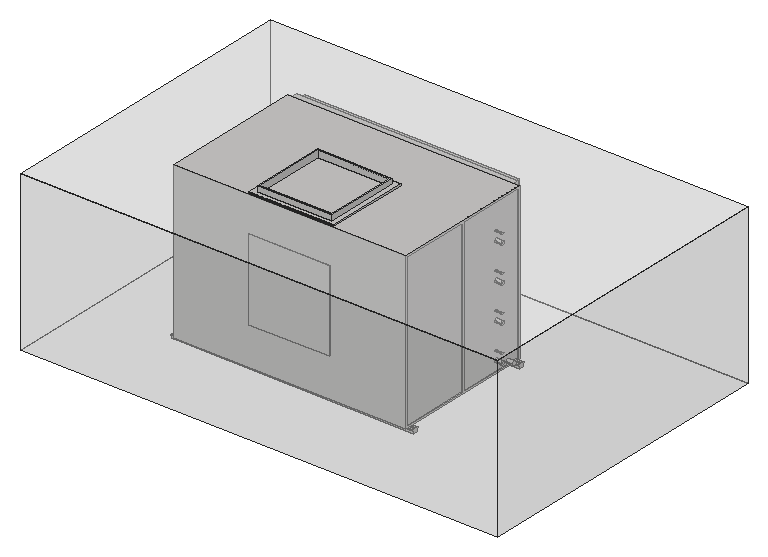
Revit family "outputfile", category 機械設備, Revit 2024
Family settings
  丸型コネクタ寸法 = 半径を使用
  パーツ タイプ = 標準
  OmniClass 番号 = 23.75.10.24.21.27.27
  OmniClass タイトル = Split System Air Conditioning Units
  作業面ベース = いいえ
  常に垂直 = はい
  ロード時にボイドで切り取り = いいえ
  注釈の向きを維持 = いいえ
  共有 = いいえ
  部屋計算ポイント = はい
Parameters (values of type "FBVN500H4BY1C")
  Description = ""
  書き出し IFC クラス(タイプ) = "IfcUnitaryEquipmentType"
  定義済み IFC タイプ(タイプ) = "AIRCONDITIONINGUNIT"
  Cost = 0
  Type Comments = ""
  Keynote = ""
  Type Image = (empty or 0)
  Assembly Code = ""
  switch_frequency = yes
  lw_power = 1050 mm
  lw_frontpanel = 754 mm
  lw_box_front = lw_box + 18 mm  # 115 mm
  lw_box = 97 mm
  lw_RA = 1057 mm
  lh_liquidpipe_4 = 216 mm
  lh_liquidpipe_3 = 552 mm
  lh_liquidpipe_2 = 888 mm
  lh_height_SA = 698 mm
  lh_ld_mountinghole_height = 35 mm
  lh_height_RA = 1326 mm
  lh_hangerfixture = 35 mm
  lh_gaspipe_4 = 136 mm
  lh_gaspipe_3 = 472 mm
  lh_gaspipe_2 = 808 mm
  lh_frontpanel_bottom = if(Width = 1766 mm, 444 mm, if(Width = 2022 mm, 479 mm, 402 mm))  # 402 mm
  lh_frontpanel = if(Width = 1766 mm, 542 mm, if(Width = 2022 mm, 542 mm, 758 mm))  # 758 mm
  lh_circlevoid = 135.5 mm
  lh_box_top = 95 mm
  lh_box = 351 mm
  lh_SA = 1546 mm
  lh_RA = 788 mm
  ld_void = 658 mm
  ld_frontpanel = 10 mm
  ld_depth_SA = 409 mm
  ld_depth_RA = 130 mm
  ld_circlevoid = 294.5 mm
  ld_box_left = 114 mm
  ld_box = 490 mm
  connector_voltage = 0 V
  connector_powerinput = [Power Input (Cooling)]  # 49.990 kW
  connector_phase = 1
  製造元 = "Daikin"
  モデル = "FBVN500H4BY1C"
  w_pipe = 33 mm
  r_Liquid Pipe Size = Liquid Pipe Size / 2  # 6.35 mm
  r_Gas Pipe Size = Gas Pipe Size / 2  # 14.3 mm
  r_Drain Pipe Size = Drain Pipe Size / 2  # 17.0 mm
  lw_powersupply = lw_power  # 1050 mm
  lw_width_RA = 2004 mm
  lw_width_SA = 694 mm
  lh_suctionflange [instance] = 100 mm
  ld_suctionflange [instance] = 190 mm
  ld_powersupply = 200 mm
  angle_vertical_RA [instance] = 90.00°
  angle horizontal_RA [instance] = 180.00°
  Voltage_comment_50Hz = "380 - 415"
  Voltage_50Hz = 400 V
  URL = ""
  Sound Power Level_H speed (dB) = 0
  Phase_50Hz = 3
  Minimum External Static Pressure = 0.00 Pa
  Minimum Circuit Amps_50Hz = 0.0 A
  Maximum Fuse Amps_50Hz = 0.0 A
  Maximum External Static Pressure = 250.00 Pa
  Material_Casing = DAIKIN_GalvanizedSteel_Casing_indoorunit
  lw_liquidpipe = 1137 mm
  lw_gaspipe = 1137 mm
  lw_mountinghole_pitch = 2234 mm
  lw_mountinghole = 2274 mm
  lw_drainpipe = 1137 mm
  lh_powersupply = 1040 mm
  lh_liquidpipe = 1224 mm
  lh_gaspipe = 1144 mm
  lh_mountinghole = 5 mm
  lh_drainpipe = 73 mm
  lh_antena = Height - 4 mm  # 1482 mm
  ld_liquidpipe = 404 mm
  ld_gaspipe = 404 mm
  ld_mountinghole_pitch = 1240 mm
  ld_drainpipe = 539 mm
  ld_controlbox = 626 mm
  h*** = 0 mm  # constant formula
  d_dischargeflange = 60 mm
  Width = 2174 mm
  Version = "ver.1.0"
  Unit Type = "Duct"
  Unit Mass Weight = 580.00 kg
  Unit Designation [instance] = ""
  Uniclass2015Version = "Products v1.30"
  Uniclass2015Title = "Split coil room air conditioning units"
  Uniclass2015Code = "Pr_70_65_03_86"
  Total Cooling Capacity [instance] = 0.000 kW
  Sound Pressure Level_M speed (dBA) = 0
  Sound Pressure Level_L speed (dBA) = 0
  Sound Pressure Level_H speed (dBA) = 68
  Series = "Package Aircon_Fan Coil Unit"
  Sensible Cooling Capacity [instance] = 0.000 kW
  SA Duct Size Width = 694 mm
  SA Duct Size Height = 698 mm
  Refrigerant Type = "R410A"
  RA Duct Size Width = 2004 mm
  RA Duct Size Height = 1326 mm
  Power Input (Cooling) = 49.990 kW
  Option Accessory 3 [instance] = ""
  Option Accessory 2 [instance] = ""
  Option Accessory 1 [instance] = ""
  Nominal Cooling Capacity = 146.500 kW
  Minimum Airflow = 0.00 m³/h
  Median Airflow = 0.00 m³/h
  Maximum Airflow = 25485.00 m³/h
  Load Classification = HVAC
  Liquid Pipe Size = 12.7 mm
  Link_Nested Family [instance] = ""
  IfcVersion = ""
  IfcExportType = "AIRCONDITIONINGUNIT"
  IfcExportAs = "IfcUnitaryEquipmentType"
  Height = 1486 mm
  Heat Exchanger Type = "Cross Fin Coil"
  Gas Pipe Size = 28.6 mm
  Frequency_50Hz = 50 Hz
  Fan Type = "Sirocco Fan"
  Fan Drive = "-"
  FCU Tag No. [instance] = ""
  Drain Pipe Size = 34.0 mm
  Design Supply Airflow [instance] = 0.00 m³/h
  Design Return Airflow [instance] = 0.00 m³/h
  Design External Static Pressure [instance] = 0.00 Pa
  Depth = 1336 mm
  既定の高さ = 0 mm
  Cooling Entering Wet Bulb Temperature [instance] = 0.00 °C
  Cooling Entering Dry Bulb Temperature [instance] = 0.00 °C
  Cooling Ambient Wet Bulb Temperature [instance] = 0.00 °C
  Cooling Ambient Dry Bulb Temperature [instance] = 0.00 °C
  Clearance visibility [instance] = yes
  Clearance Top = 0 mm
  Clearance Right = 1500 mm
  Clearance Rear = 800 mm
  Clearance Left = 800 mm
  Clearance Front = 800 mm
  Clearance Bottom = 0 mm
Reference planes
  plane 1 "Center (Front/Back)": y = 0
  plane 2: z = 0
  plane 3 "Center (Left/Right)": x = 0
  plane 4 "Back": y = 668
  plane 5 "Front": y = -668
  plane 6 "Left": x = -1087
  plane 7 "Right": x = 1087
  plane 8 "Top": z = 0
  plane 9 "Bottom": z = -1486
  plane 10: z = -262
  plane 11: z = -342
  plane 12: x = -1117
  plane 13: x = 1117
  plane 14: x = 1137
  plane 15: x = 1137
  plane 16: z = -1481
  plane 17 "Clearance Left": x = -1887
  plane 18 "Clearance Right": x = 2587
  plane 19 "Clearance Rear": y = 1468
  plane 20 "Clearance Front": y = -1468
  plane 21 "Clearance Bottom": z = -1486
  plane 22: z = -1413
  plane 23 "ld_gas": y = 404
  plane 24: y = 404
  plane 25: y = -30
  plane 26: y = 539
  plane 27: y = 478
  plane 28: x = 1137
  plane 29: y = 620
  plane 30: y = -620
  plane 31: y = -259
  plane 32: y = 798
  plane 33 "Clearance Top": z = 0
  plane 34: z = -446
  plane 35: y = -200
  plane 36 "hangerfixture": z = -1451
  plane 37 "lh_SA": z = 60
  plane 38 "lh_RA": z = -698
  plane 39 "RA_center": x = -30
  plane 40: y = -658
  plane 41: y = 0
  plane 42: y = 658
  plane 43: z = -10
  plane 44: z = -1441
  plane 45: y = 10
  plane 46: y = -658
  plane 47: y = 0
  plane 48: y = 658
  plane 49: z = -10
  plane 50: z = -1441
  plane 51: y = 10
  plane 52 "box_bottom": z = -446
  plane 53 "box_top": z = -95
  plane 54: x = -377
  plane 55: x = 377
  plane 56: y = -678
  plane 57: y = -658
  plane 58 "lw_power": x = 1050
  plane 59: z = -598
  plane 60: z = -678
  plane 61: z = -934
  plane 62: z = -1014
  plane 63: x = 1067
  plane 64: x = -1067
  plane 65: z = -1084
  plane 66: z = -326
  plane 67: z = -1270
  plane 68: z = -1350
Forms (mm)
  Extrusion 1, solid, material "DAIKIN_GalvanizedSteel_Casing_indoorunit" <- "Material_Casing"
    sketch origin (0, -0.8, 0) x (1, 0, 0) y (0, 1, 0)
      loop
        line (-1087, -667.2) -> (1087, -667.2) -> (1087, 668.8) -> (-1087, 668.8) -> (-1087, -667.2)
    from -1451 to 0
  Revolve 2, solid, material "DAIKIN_GalvanizedSteel_Casing_indoorunit" <- "Material_Casing"
    sketch origin (0, 0, -342) x (0, -1, 0) y (1, 0, 0)
      loop
        line (-389.7, 1067) -> (-389.7, 1137) -> (-404, 1137) -> (-404, 1067) -> (-389.7, 1067)
      axis (-404, 1067) -> (-404, 1137)
    angle from 0 to 360
  Revolve 3, solid, material "DAIKIN_GalvanizedSteel_Casing_indoorunit" <- "Material_Casing"
    sketch origin (0, 0, -262) x (0, -1, 0) y (1, 0, 0)
      loop
        line (-404, 1067) -> (-404, 1137) -> (-410.35, 1137) -> (-410.35, 1067) -> (-404, 1067)
      axis (-404, 1137) -> (-404, 1067)
    angle from 0 to 360
  Extrusion 4, solid, material "DAIKIN_GalvanizedSteel_Casing_indoorunit" <- "Material_Casing"
    sketch origin (0, 0, 0) x (0, 1, 0) y (0, 0, 1)
      loop
        circle (539, -1413) r 17
    from 1137 to 1067
  Extrusion 5, void
    sketch origin (1087, 0, 0) x (0, 1, 0) y (0, 0, 1)
      loop
        line (-658, -10) -> (-658, -1441) -> (0, -1441) -> (0, -10) -> (-658, -10)
      loop
        line (658, -10) -> (10, -10) -> (10, -1441) -> (658, -1441) -> (658, -10)
    from 0 to -20
  Extrusion 6, void
    sketch origin (-1087, 0, 0) x (0, 1, 0) y (0, 0, 1)
      loop
        line (-658, -10) -> (-658, -1441) -> (0, -1441) -> (0, -10) -> (-658, -10)
      loop
        line (658, -10) -> (10, -10) -> (10, -1441) -> (658, -1441) -> (658, -10)
    from 0 to 20
  Extrusion 7, solid, material "DAIKIN_GalvanizedSteel_Casing_indoorunit" <- "Material_Casing"
    sketch origin (0, 0, -1486) x (-1, 0, 0) y (0, -1, 0)
      loop
        line (377, 658) -> (377, 678) -> (-377, 678) -> (-377, 658) -> (377, 658)
    from 402 to 1160
  Revolve 8, solid, material "DAIKIN_GalvanizedSteel_Casing_indoorunit" <- "Material_Casing"
    sketch origin (0, 0, -678) x (0, -1, 0) y (1, 0, 0)
      loop
        line (-389.7, 1067) -> (-389.7, 1137) -> (-404, 1137) -> (-404, 1067) -> (-389.7, 1067)
      axis (-404, 1067) -> (-404, 1137)
    angle from 0 to 360
  Revolve 9, solid, material "DAIKIN_GalvanizedSteel_Casing_indoorunit" <- "Material_Casing"
    sketch origin (0, 0, -598) x (0, -1, 0) y (1, 0, 0)
      loop
        line (-404, 1067) -> (-404, 1137) -> (-410.35, 1137) -> (-410.35, 1067) -> (-404, 1067)
      axis (-404, 1137) -> (-404, 1067)
    angle from 0 to 360
  Revolve 10, solid, material "DAIKIN_GalvanizedSteel_Casing_indoorunit" <- "Material_Casing"
    sketch origin (0, 0, -1014) x (0, -1, 0) y (1, 0, 0)
      loop
        line (-389.7, 1067) -> (-389.7, 1137) -> (-404, 1137) -> (-404, 1067) -> (-389.7, 1067)
      axis (-404, 1067) -> (-404, 1137)
    angle from 0 to 360
  Revolve 11, solid, material "DAIKIN_GalvanizedSteel_Casing_indoorunit" <- "Material_Casing"
    sketch origin (0, 0, -934) x (0, -1, 0) y (1, 0, 0)
      loop
        line (-404, 1067) -> (-404, 1137) -> (-410.35, 1137) -> (-410.35, 1067) -> (-404, 1067)
      axis (-404, 1137) -> (-404, 1067)
    angle from 0 to 360
  Revolve 12, solid, material "DAIKIN_GalvanizedSteel_Casing_indoorunit" <- "Material_Casing"
    sketch origin (0, 0, -1350) x (0, -1, 0) y (1, 0, 0)
      loop
        line (-389.7, 1067) -> (-389.7, 1137) -> (-404, 1137) -> (-404, 1067) -> (-389.7, 1067)
      axis (-404, 1067) -> (-404, 1137)
    angle from 0 to 360
  Revolve 13, solid, material "DAIKIN_GalvanizedSteel_Casing_indoorunit" <- "Material_Casing"
    sketch origin (0, 0, -1270) x (0, -1, 0) y (1, 0, 0)
      loop
        line (-404, 1067) -> (-404, 1137) -> (-410.35, 1137) -> (-410.35, 1067) -> (-404, 1067)
      axis (-404, 1137) -> (-404, 1067)
    angle from 0 to 360
Cuts and joins
  Extrusion 5, Extrusion 6 cuts Extrusion 1
  Extrusion 6 cuts Revolve 2
  Extrusion 6 cuts Revolve 3
  Extrusion 6 cuts Extrusion 4
Dimensions and locks
  equal spacing: plane 12, plane 3 "Center (Left/Right)", plane 13
  "lw_mountinghole_pitch": plane 12 to plane 13
  "lh_liquidpipe": plane 10 to plane 9 "Bottom"
  "lh_gaspipe": plane 11 to plane 9 "Bottom"
  equal spacing: plane 6 "Left", plane 3 "Center (Left/Right)", plane 7 "Right"
  "Width": plane 6 "Left" to plane 7 "Right"
  "Clearance Right": plane 7 "Right" to plane 18 "Clearance Right"
  "Clearance Left": plane 17 "Clearance Left" to plane 6 "Left"
  "Clearance Rear": plane 19 "Clearance Rear" to plane 4 "Back"
  "Clearance Front": plane 5 "Front" to plane 20 "Clearance Front"
  "Depth": plane 4 "Back" to plane 5 "Front"
  equal spacing: plane 4 "Back", plane 1 "Center (Front/Back)", plane 5 "Front"
  "ld_suctionflange": plane 4 "Back" to plane 27
  "r_Liquid Pipe Size": nested 5 to Revolve 3 sketch curve
  equal spacing: plane 29, plane 1 "Center (Front/Back)", plane 30
  "ld_mountinghole_pitch": plane 29 to plane 30
  "lw_liquidpipe": plane 3 "Center (Left/Right)" to plane 14
  "lw_gaspipe": plane 3 "Center (Left/Right)" to plane 15
  "lw_drainpipe": plane 3 "Center (Left/Right)" to plane 28
  "lh_drainpipe": plane 22 to plane 9 "Bottom"
  "Clearance Top": plane 33 "Clearance Top" to plane 8 "Top"
  "Clearance Bottom": plane 9 "Bottom" to plane 21 "Clearance Bottom"
  "lh_powersupply": plane 34 to plane 9 "Bottom"
  plane 8 "Top" to level = 0 mm
  "lh_hangerfixture": plane 36 "hangerfixture" to plane 9 "Bottom"
  "lh_SA": plane 37 "lh_SA" to plane 9 "Bottom"
  "ld_depth_RA": plane 32 to plane 4 "Back"
  "lh_RA": plane 38 "lh_RA" to plane 9 "Bottom"
  "lw_RA": plane 6 "Left" to plane 39 "RA_center"
  locked: plane 36 "hangerfixture" to plane 44 at 10
  plane 5 "Front" to plane 40 = 10 mm
  locked: plane 8 "Top" to plane 43 at 10
  plane 42 to plane 4 "Back" = 10 mm
  "ld_void": plane 40 to plane 41
  "ld_void": plane 46 to plane 47
  plane 5 "Front" to plane 46 = 10 mm
  plane 48 to plane 4 "Back" = 10 mm
  locked: plane 8 "Top" to plane 49 at 10
  locked: plane 50 to plane 36 "hangerfixture" at 10
  "lh_box_top": plane 8 "Top" to plane 53 "box_top"
  "lh_box": plane 53 "box_top" to plane 52 "box_bottom"
  equal spacing: plane 54, plane 3 "Center (Left/Right)", plane 55
  "lw_power": plane 3 "Center (Left/Right)" to plane 58 "lw_power"
  "lh_gaspipe_2": plane 60 to plane 9 "Bottom"
  "lh_liquidpipe_2": plane 59 to plane 9 "Bottom"
  "ld_powersupply": plane 35 to plane 1 "Center (Front/Back)"
  "ld_drainpipe": plane 26 to plane 1 "Center (Front/Back)"
  "ld_gaspipe": plane 23 "ld_gas" to plane 1 "Center (Front/Back)"
  "r_Gas Pipe Size": plane 23 "ld_gas" to Revolve 8 sketch curve
  "r_Gas Pipe Size": plane 23 "ld_gas" to Revolve 2 sketch curve
  "r_Liquid Pipe Size": Revolve 9 sketch curve to plane 24
  "ld_liquidpipe": plane 24 to plane 1 "Center (Front/Back)"
  "ld_depth_SA": plane 31 to plane 5 "Front"
  "Height": plane 8 "Top" to plane 9 "Bottom"
  "lh_mountinghole": plane 16 to plane 9 "Bottom"
  "lh_gaspipe_3": plane 62 to plane 9 "Bottom"
  "lh_liquidpipe_3": plane 61 to plane 9 "Bottom"
  locked: plane 63 to plane 7 "Right" at 20
  locked: plane 6 "Left" to plane 64 at 20
  "lh_frontpanel_bottom": plane 65 to plane 9 "Bottom"
  "lh_frontpanel": plane 66 to plane 65
  "r_Gas Pipe Size": plane 24 to Revolve 10 sketch curve
  "r_Liquid Pipe Size": Revolve 11 sketch curve to plane 24
  "lw_frontpanel": plane 54 to plane 55
  locked: plane 57 to plane 5 "Front" at 10
  "ld_frontpanel": plane 5 "Front" to plane 56
  locked: plane 41 to plane 45 at 10
  locked: plane 47 to plane 51 at 10
  "lh_liquidpipe_4": plane 67 to plane 9 "Bottom"
  "lh_gaspipe_4": plane 68 to plane 9 "Bottom"
  "r_Liquid Pipe Size": plane 24 to Revolve 13 sketch curve
  "r_Gas Pipe Size": plane 24 to Revolve 12 sketch curve
  "r_Drain Pipe Size": radius of Extrusion 4 sketch curve
  aligned and locked: level to plane 2
  aligned and locked: plane 8 "Top" to Extrusion 1
  aligned and locked: Revolve 2 sketch curve to Revolve 2 sketch curve
  aligned and locked: plane 14 to nested 5
  aligned and locked: nested 5 to plane 10
  aligned and locked: nested 2 to plane 13
  aligned and locked: nested 3 to plane 12
  aligned and locked: plane 12 to nested 4
  aligned and locked: nested 6 to plane 11
  aligned and locked: plane 23 "ld_gas" to nested 6
  aligned and locked: plane 24 to nested 5
  aligned and locked: Extrusion 4 sketch curve to plane 26
  aligned and locked: nested 10 to plane 19 "Clearance Rear"
  aligned and locked: nested 10 to plane 18 "Clearance Right"
  aligned and locked: nested 10 to plane 17 "Clearance Left"
  aligned and locked: nested 10 to plane 20 "Clearance Front"
  aligned and locked: plane 28 to Extrusion 4
  aligned and locked: plane 15 to nested 6  (x2)
  aligned and locked: plane 13 to nested 1
  aligned and locked: plane 26 to nested 7
  aligned and locked: nested 7 to plane 22
  aligned and locked: nested 7 to plane 28
  aligned and locked: plane 29 to nested 1
  aligned and locked: plane 30 to nested 2
  aligned and locked: nested 4 to plane 29
  aligned and locked: nested 3 to plane 30
  aligned and locked: nested 9 to plane 4 "Back"
  aligned and locked: plane 32 to nested 13
  aligned and locked: plane 3 "Center (Left/Right)" to nested 12
  aligned and locked: nested 10 to plane 33 "Clearance Top"
  aligned and locked: nested 10 to plane 21 "Clearance Bottom"
  aligned and locked: nested 11 to plane 9 "Bottom"
  aligned and locked: plane 36 "hangerfixture" to Extrusion 1
  aligned and locked: Extrusion 1 to plane 5 "Front"
  aligned and locked: Extrusion 1 to plane 4 "Back"
  aligned and locked: plane 38 "lh_RA" to nested 9
  aligned and locked: nested 13 to plane 38 "lh_RA"
  aligned and locked: plane 39 "RA_center" to nested 9
  aligned and locked: nested 13 to plane 39 "RA_center"
  aligned and locked: Extrusion 5 sketch curve to plane 43
  aligned and locked: Extrusion 5 sketch curve to plane 40
  aligned and locked: plane 44 to Extrusion 5 sketch curve
  aligned and locked: Extrusion 5 sketch curve to plane 41
  aligned and locked: plane 43 to Extrusion 5 sketch curve
  aligned and locked: Extrusion 5 sketch curve to plane 42
  aligned and locked: Extrusion 5 sketch curve to plane 44
  aligned and locked: Extrusion 5 sketch curve to plane 45
  aligned and locked: Extrusion 6 sketch curve to plane 49
  aligned and locked: Extrusion 6 sketch curve to plane 46
  aligned and locked: plane 50 to Extrusion 6 sketch curve
  aligned and locked: Extrusion 6 sketch curve to plane 47
  aligned and locked: plane 49 to Extrusion 6 sketch curve
  aligned and locked: Extrusion 6 sketch curve to plane 48
  aligned and locked: Extrusion 6 sketch curve to plane 50
  aligned and locked: Extrusion 6 sketch curve to plane 51
  aligned and locked: Extrusion 7 sketch curve to plane 57
  aligned and locked: Extrusion 7 sketch curve to plane 54
  aligned and locked: plane 56 to Extrusion 7 sketch curve
  aligned and locked: plane 55 to Extrusion 7 sketch curve
  aligned and locked: Revolve 8 sketch curve to Revolve 8 sketch curve
  aligned and locked: nested 15 to plane 59
  aligned and locked: nested 16 to plane 60
  aligned and locked: plane 14 to Revolve 9
  aligned and locked: nested 15 to plane 14
  aligned and locked: plane 15 to cut or joined group of Revolve 2, Extrusion 6  (x3)
  aligned and locked: cut or joined group of Revolve 2, Extrusion 6 to plane 15
  aligned and locked: nested 14 to plane 35
  aligned and locked: Revolve 2 sketch curve to plane 23 "ld_gas"
  aligned and locked: plane 23 "ld_gas" to nested 16
  aligned and locked: plane 24 to nested 15
  aligned and locked: plane 37 "lh_SA" to nested 12
  aligned and locked: plane 37 "lh_SA" to nested 8
  aligned and locked: plane 31 to nested 12
  aligned and locked: plane 31 to nested 8
  aligned and locked: cut or joined group of Extrusion 1, Extrusion 5, Extrusion 6 to cut or joined group of Extrusion 4, Extrusion 6
  aligned and locked: cut or joined group of Extrusion 1, Extrusion 5, Extrusion 6 to Revolve 9
  aligned and locked: Revolve 8 to cut or joined group of Extrusion 1, Extrusion 5, Extrusion 6
  aligned and locked: cut or joined group of Extrusion 1, Extrusion 5, Extrusion 6 to cut or joined group of Revolve 3, Extrusion 6
  aligned and locked: cut or joined group of Revolve 2, Extrusion 6 to cut or joined group of Extrusion 1, Extrusion 5, Extrusion 6
  aligned and locked: nested 14 to plane 58 "lw_power"
  aligned and locked: nested 14 to plane 34
  aligned and locked: Revolve 10 sketch curve to Revolve 10 sketch curve
  aligned and locked: nested 17 to plane 61
  aligned and locked: nested 18 to plane 62
  aligned and locked: cut or joined group of Extrusion 1, Extrusion 5, Extrusion 6 to plane 64
  aligned and locked: Extrusion 5 to plane 63
  aligned and locked: plane 24 to nested 17
  aligned and locked: plane 23 "ld_gas" to nested 18
  aligned and locked: Extrusion 7 to plane 65
  aligned and locked: plane 66 to Extrusion 7
  aligned and locked: Revolve 12 sketch curve to Revolve 12 sketch curve
  aligned and locked: nested 19 to plane 67
  aligned and locked: nested 20 to plane 68
Automatic sketch dimensions
  Extrusion 1 sketch curve to plane 4 "Back" = 0 mm
  Extrusion 1 sketch curve to plane 6 "Left" = 0 mm
  Extrusion 1 sketch curve to plane 5 "Front" = 0 mm
  Extrusion 1 sketch curve to plane 7 "Right" = 0 mm
  Revolve 3 sketch curve to plane 23 "ld_gas" = 0 mm  (x2)
  Revolve 3 sketch curve to plane 14 = 0 mm  (x2)
  Revolve 3 sketch curve to plane 63 = 0 mm
  plane 7 "Right" to Revolve 3 sketch curve = 15 mm
  plane 22 to Extrusion 4 sketch curve = 0 mm
  Revolve 9 sketch curve to plane 23 "ld_gas" = 0 mm  (x2)
  Revolve 9 sketch curve to plane 14 = 0 mm  (x2)
  Revolve 9 sketch curve to plane 63 = 0 mm
  plane 7 "Right" to Revolve 9 sketch curve = 15 mm
  Revolve 11 sketch curve to plane 23 "ld_gas" = 0 mm  (x2)
  Revolve 11 sketch curve to plane 14 = 0 mm  (x2)
  Revolve 11 sketch curve to plane 63 = 0 mm
  plane 7 "Right" to Revolve 11 sketch curve = 15 mm
  Revolve 13 sketch curve to plane 63 = 0 mm
  Revolve 13 sketch curve to plane 14 = 0 mm  (x2)
  Revolve 13 sketch curve to plane 23 "ld_gas" = 0 mm  (x2)
  plane 7 "Right" to Revolve 13 sketch curve = 15 mm
  Revolve 2 sketch curve to plane 63 = 0 mm
  Revolve 2 sketch curve to plane 14 = 0 mm
  plane 7 "Right" to Revolve 2 sketch curve = 2.003 mm
  plane 14 to Revolve 2 sketch curve = 1.003 mm
  Revolve 8 sketch curve to plane 23 "ld_gas" = 0 mm
  Revolve 8 sketch curve to plane 63 = 0 mm
  Revolve 8 sketch curve to plane 14 = 0 mm
  plane 7 "Right" to Revolve 8 sketch curve = 2.003 mm
  plane 14 to Revolve 8 sketch curve = 1.003 mm
  Revolve 10 sketch curve to plane 23 "ld_gas" = 0 mm
  Revolve 10 sketch curve to plane 63 = 0 mm
  Revolve 10 sketch curve to plane 14 = 0 mm
  plane 7 "Right" to Revolve 10 sketch curve = 2.003 mm
  plane 14 to Revolve 10 sketch curve = 1.003 mm
  Revolve 12 sketch curve to plane 23 "ld_gas" = 0 mm
  Revolve 12 sketch curve to plane 63 = 0 mm
  Revolve 12 sketch curve to plane 14 = 0 mm
  plane 7 "Right" to Revolve 12 sketch curve = 2.003 mm
  plane 14 to Revolve 12 sketch curve = 1.003 mm
Nested families
  nested 1: "daikin_mountinghole" at (1117, 620, -1486), Link_Nested Family <- "Link_Nested Family", h_mountinghole <- "lh_mountinghole", l_antenna <- "lh_antena", type "daikin_mountinghole"
    with show yes, l_antenna 1482 mm, h_mountinghole 5 mm, Link_Nested Family "", d_circle 23 mm
  nested 2: "daikin_mountinghole" at (1117, -620, -1486), Link_Nested Family <- "Link_Nested Family", h_mountinghole <- "lh_mountinghole", l_antenna <- "lh_antena", type "daikin_mountinghole"
    with show yes, l_antenna 1482 mm, h_mountinghole 5 mm, Link_Nested Family "", d_circle 23 mm
  nested 3: "daikin_mountinghole" at (-1117, -620, -1486), Link_Nested Family <- "Link_Nested Family", h_mountinghole <- "lh_mountinghole", l_antenna <- "lh_antena", type "daikin_mountinghole"
    with show yes, l_antenna 1482 mm, h_mountinghole 5 mm, Link_Nested Family "", d_circle 23 mm
  nested 4: "daikin_mountinghole" at (-1117, 620, -1486), Link_Nested Family <- "Link_Nested Family", h_mountinghole <- "lh_mountinghole", l_antenna <- "lh_antena", type "daikin_mountinghole"
    with show yes, l_antenna 1482 mm, h_mountinghole 5 mm, Link_Nested Family "", d_circle 23 mm
  nested 5: "daikin_connector_rotate2" at (0, 404, -262) x (0, 1, 0) z (0, 0, 1), length <- "lw_liquidpipe", built-in parameter 1001364 <- "lh_liquidpipe", radius <- "r_Liquid Pipe Size", type "daikin_connector_rotate2"
    with radius 6.35 mm, length 1137 mm, angle_vertical 90.00°
  nested 6: "daikin_connector_rotate2" at (0, 404, -342) x (0, 1, 0) z (0, 0, 1), length <- "lw_gaspipe", built-in parameter 1001364 <- "lh_gaspipe", radius <- "r_Gas Pipe Size", type "daikin_connector_rotate2"
    with radius 14.3 mm, length 1137 mm, angle_vertical 90.00°
  nested 7: "daikin_connector_rotate2" at (0, 539, -1413) x (0, 1, 0) z (0, 0, 1), built-in parameter 1001364 <- "lh_drainpipe", length <- "lw_drainpipe", radius <- "r_Drain Pipe Size", type "daikin_connector_rotate2"
    with radius 17 mm, length 1137 mm, angle_vertical 90.00°
  nested 8: "daikin_connector_rotate2" at (0, -259, 0) x (1, 0, 0) z (0, 1, 0), length <- "d_dischargeflange", type "daikin_connector_rotate2"
    with radius 10 mm, length 60 mm, angle_vertical 90.00°
  nested 9: "daikin_ductflange_FBVN-H4BY1C" at (-30, 668, -698), material <- "Material_Casing", width <- "lw_width_RA", height <- "lh_height_RA", depth <- "ld_depth_RA", type "daikin_ductflange_FBVN-H4BY1C"
    with x 35 mm, width 2004 mm, material DAIKIN_GalvanizedSteel_Casing_indoorunit, height 1326 mm, depth 130 mm
  nested 10: "daikin_clearancespace" at (350, 0, -742.881), visible <- "Clearance visibility", show <- "Clearance visibility", Link_Nested Family <- "Link_Nested Family", type "daikin_clearancespace"
    with width 4474 mm, show yes, height 1486 mm, depth 2936 mm, Link_Nested Family ""
  nested 11: "daikin_hangerfixture_FBVN-H4BY1C" at (0, 0, -1486), type "daikin_hangerfixture_FBVN-H4BY1C"
    with width 2234 mm, depth 1240 mm, G 2274 mm
  nested 12: "daikin_ductflange_FBVN-H4BY1C_1" at (0, -448.401, 0) x (1, 0, 0) z (0, 1, 0), width <- "lw_width_SA", material <- "Material_Casing", height <- "lh_height_SA", depth <- "d_dischargeflange", type "daikin_ductflange_FBVN-H4BY1C_1"
    with width 694 mm, t 10 mm, material DAIKIN_GalvanizedSteel_Casing_indoorunit, height 698 mm, depth 60 mm
  nested 13: "daikin_connector_rotate2" at (-30, 668, -698) x (-1, 0, 0) z (0, 0, 1), length <- "ld_depth_RA", type "daikin_connector_rotate2"
    with radius 10 mm, length 130 mm, angle_vertical 90.00°
  nested 14: "daikin_connector_rotate2" at (1050, -200, -95) x (0, 1, 0) z (1, 0, 0), length <- "lh_box", type "daikin_connector_rotate2"
    with radius 10 mm, length 351 mm, angle_vertical 90.00°
  nested 15: "daikin_connector_rotate2" at (0, 404, -598) x (0, 1, 0) z (0, 0, 1), length <- "lw_liquidpipe", built-in parameter 1001364 <- "lh_liquidpipe", radius <- "r_Liquid Pipe Size", type "daikin_connector_rotate2"
    with radius 6.35 mm, length 1137 mm, angle_vertical 90.00°
  nested 16: "daikin_connector_rotate2" at (0, 404, -678) x (0, 1, 0) z (0, 0, 1), length <- "lw_gaspipe", built-in parameter 1001364 <- "lh_gaspipe", radius <- "r_Gas Pipe Size", type "daikin_connector_rotate2"
    with radius 14.3 mm, length 1137 mm, angle_vertical 90.00°
  nested 17: "daikin_connector_rotate2" at (0, 404, -934) x (0, 1, 0) z (0, 0, 1), length <- "lw_liquidpipe", built-in parameter 1001364 <- "lh_liquidpipe", radius <- "r_Liquid Pipe Size", type "daikin_connector_rotate2"
    with radius 6.35 mm, length 1137 mm, angle_vertical 90.00°
  nested 18: "daikin_connector_rotate2" at (0, 404, -1014) x (0, 1, 0) z (0, 0, 1), length <- "lw_gaspipe", built-in parameter 1001364 <- "lh_gaspipe", radius <- "r_Gas Pipe Size", type "daikin_connector_rotate2"
    with radius 14.3 mm, length 1137 mm, angle_vertical 90.00°
  nested 19: "daikin_connector_rotate2" at (0, 470, -1270) x (0, 1, 0) z (0, 0, 1), length <- "lw_liquidpipe", built-in parameter 1001364 <- "lh_liquidpipe", radius <- "r_Liquid Pipe Size", type "daikin_connector_rotate2"
    with radius 6.35 mm, length 1137 mm, angle_vertical 90.00°
  nested 20: "daikin_connector_rotate2" at (0, 470, -1350) x (0, 1, 0) z (0, 0, 1), length <- "lw_gaspipe", built-in parameter 1001364 <- "lh_gaspipe", radius <- "r_Gas Pipe Size", type "daikin_connector_rotate2"
    with radius 14.3 mm, length 1137 mm, angle_vertical 90.00°
Connectors
  piping at (1137, 404, -342), diameter 28.6, driven by "r_Gas Pipe Size"
    settings: on nested 6, index 1, connector inside diameter 609.6 mm, connector length 0 mm, flow factor 0, pipe flow 0.00 m³/h, pressure drop 0.0 Pa, fitting loss kfactor 0, connector angle 0.00°, fixture units 0, engagement length 0 mm, angle of deflection 0.00°, flow configuration 1, flow direction 2, fitting loss method 0, system type 29, joint type 0, gender type 0, connector reference index -1, connector utility 0, adjustable connector no, is connector primary yes, connector description "Refrigerant Gas Piping"
  piping at (1137, 404, -262), diameter 12.7, driven by "r_Liquid Pipe Size"
    settings: on nested 5, index 2, connector inside diameter 609.6 mm, connector length 0 mm, flow factor 0, pipe flow 0.00 m³/h, pressure drop 0.0 Pa, fitting loss kfactor 0, connector angle 0.00°, fixture units 0, engagement length 0 mm, angle of deflection 0.00°, flow configuration 1, flow direction 1, fitting loss method 0, system type 29, joint type 0, gender type 0, connector reference index -1, connector utility 0, adjustable connector no, is connector primary no, connector description "Refrigerant Liquid Piping"
  piping at (1137, 539, -1413), diameter 34, driven by "r_Drain Pipe Size"
    settings: on nested 7, index 3, connector inside diameter 609.6 mm, connector length 0 mm, flow factor 0, pipe flow 0.00 m³/h, pressure drop 0.0 Pa, fitting loss kfactor 0, connector angle 0.00°, fixture units 0, engagement length 0 mm, angle of deflection 0.00°, flow configuration 1, flow direction 2, fitting loss method 4, system type 16, joint type 0, gender type 0, connector reference index -1, connector utility 0, adjustable connector no, is connector primary no, connector description "Condensate Drain Piping"
  hvac at (0, -259, 60), driven by "SA Duct Size Height", driven by "SA Duct Size Width"
    settings: on nested 8, index 7, duct flow 0.00 m³/h, flow factor 0, pres drop 0.00 Pa, loss coef 0, conn angle 0.00°, conn width 694.0 mm, conn height 698.0 mm, conn diameter 609.6 mm, duct sys type 1, conn prof type 1, flow config 0, flow direction 2, loss method 4, conn ref index -1, conn util no, is conn primary yes, conn desc "SA Duct"
  hvac at (-30, 798, -698), driven by "RA Duct Size Width", driven by "RA Duct Size Height"
    settings: on nested 13, index 8, duct flow 0.00 m³/h, flow factor 0, pres drop 0.00 Pa, loss coef 0, conn angle 0.00°, conn width 2004.0 mm, conn height 1326.0 mm, conn diameter 609.6 mm, duct sys type 2, conn prof type 1, flow config 0, flow direction 1, loss method 4, conn ref index -1, conn util no, is conn primary no, conn desc "RA Duct"
  electrical at (1050, -200, -446), driven by "Load Classification", driven by "connector_phase", driven by "connector_powerinput", driven by "connector_voltage"
    settings: on nested 14, index 9, voltage 0 V, apparent load 49990 VA, apparent load phase1 0 VA, apparent load phase2 0 VA, apparent load phase3 0 VA, power factor 1, load classification "HVAC", number of poles 1, system type 30, power factor state 1, is connector primary yes, connector utility no, sub classification motor no, connector description "Power Supply"
  piping at (1137, 404, -678), diameter 28.6, driven by "r_Gas Pipe Size"
    settings: on nested 16, index 10, connector inside diameter 609.6 mm, connector length 0 mm, flow factor 0, pipe flow 0.00 m³/h, pressure drop 0.0 Pa, fitting loss kfactor 0, connector angle 0.00°, fixture units 0, engagement length 0 mm, angle of deflection 0.00°, flow configuration 1, flow direction 2, fitting loss method 0, system type 29, joint type 0, gender type 0, connector reference index -1, connector utility 0, adjustable connector no, is connector primary no, connector description "Refrigerant Gas Piping"
  piping at (1137, 404, -598), diameter 12.7, driven by "r_Liquid Pipe Size"
    settings: on nested 15, index 11, connector inside diameter 609.6 mm, connector length 0 mm, flow factor 0, pipe flow 0.00 m³/h, pressure drop 0.0 Pa, fitting loss kfactor 0, connector angle 0.00°, fixture units 0, engagement length 0 mm, angle of deflection 0.00°, flow configuration 1, flow direction 1, fitting loss method 0, system type 29, joint type 0, gender type 0, connector reference index -1, connector utility 0, adjustable connector no, is connector primary no, connector description "Refrigerant Liquid Piping"
  piping at (1137, 404, -1014), diameter 28.6, driven by "r_Gas Pipe Size"
    settings: on nested 18, index 12, connector inside diameter 609.6 mm, connector length 0 mm, flow factor 0, pipe flow 0.00 m³/h, pressure drop 0.0 Pa, fitting loss kfactor 0, connector angle 0.00°, fixture units 0, engagement length 0 mm, angle of deflection 0.00°, flow configuration 1, flow direction 2, fitting loss method 0, system type 29, joint type 0, gender type 0, connector reference index -1, connector utility 0, adjustable connector no, is connector primary no, connector description "Refrigerant Gas Piping"
  piping at (1137, 404, -934), diameter 12.7, driven by "r_Liquid Pipe Size"
    settings: on nested 17, index 13, connector inside diameter 609.6 mm, connector length 0 mm, flow factor 0, pipe flow 0.00 m³/h, pressure drop 0.0 Pa, fitting loss kfactor 0, connector angle 0.00°, fixture units 0, engagement length 0 mm, angle of deflection 0.00°, flow configuration 1, flow direction 1, fitting loss method 0, system type 29, joint type 0, gender type 0, connector reference index -1, connector utility 0, adjustable connector no, is connector primary no, connector description "Refrigerant Liquid Piping"
  piping at (1137, 470, -1350), diameter 28.6, driven by "r_Gas Pipe Size"
    settings: on nested 20, index 14, connector inside diameter 609.6 mm, connector length 0 mm, flow factor 0, pipe flow 0.00 m³/h, pressure drop 0.0 Pa, fitting loss kfactor 0, connector angle 0.00°, fixture units 0, engagement length 0 mm, angle of deflection 0.00°, flow configuration 1, flow direction 2, fitting loss method 0, system type 29, joint type 0, gender type 0, connector reference index -1, connector utility 0, adjustable connector no, is connector primary no, connector description "Refrigerant Gas Piping"
  piping at (1137, 470, -1270), diameter 12.7, driven by "r_Liquid Pipe Size"
    settings: on nested 19, index 15, connector inside diameter 609.6 mm, connector length 0 mm, flow factor 0, pipe flow 0.00 m³/h, pressure drop 0.0 Pa, fitting loss kfactor 0, connector angle 0.00°, fixture units 0, engagement length 0 mm, angle of deflection 0.00°, flow configuration 1, flow direction 1, fitting loss method 0, system type 29, joint type 0, gender type 0, connector reference index -1, connector utility 0, adjustable connector no, is connector primary no, connector description "Refrigerant Liquid Piping"
Definition of nested family "daikin_ductflange_FBVN-H4BY1C"
  Parameters (values of type "daikin_ductflange_2FGN-HTL")
    x [instance] = if(width = 1636 mm, 15 mm, 35 mm)  # 15 mm
    width [instance] = 1636 mm
    material [instance] = none
    height [instance] = 747 mm
    depth [instance] = 130 mm
    Default Elevation = 0 mm
  Reference planes
    plane 1 "Center (Front/Back)": y = 0
    plane 2: z = 0
    plane 3 "Center (Left/Right)": x = 0
    plane 4: x = -818
    plane 5: x = 818
    plane 6: z = 373.5
    plane 7: z = -373.5
    plane 8: y = 80
    plane 9: y = 130
    plane 10: x = -813
    plane 11: x = 813
    plane 12: z = -368.5
    plane 13: z = 368.5
    plane 14: x = -833
    plane 15: x = 833
    plane 16: z = 393.5
    plane 17: z = -380
  Forms (mm)
    Extrusion 1, solid, material <- "material"
      sketch origin (0, 0, 0) x (1, 0, 0) y (0, 0, 1)
        loop
          line (-833, 393.5) -> (-833, -380) -> (833, -380) -> (833, 393.5) -> (-833, 393.5)
        loop
          line (-813, 368.5) -> (-813, -368.5) -> (813, -368.5) -> (813, 368.5) -> (-813, 368.5)
      from 0 to -80
    Extrusion 2, solid, material <- "material"
      sketch origin (0, 0, 0) x (1, 0, 0) y (0, 0, 1)
        loop
          line (-818, 373.5) -> (-818, -373.5) -> (818, -373.5) -> (818, 373.5) -> (-818, 373.5)
        loop
          line (813, 368.5) -> (-813, 368.5) -> (-813, -368.5) -> (813, -368.5) -> (813, 368.5)
      from -130 to -80
  Cuts and joins
    joined: Extrusion 1, Extrusion 2
  Dimensions and locks
    equal spacing: plane 5, plane 3 "Center (Left/Right)", plane 4
    "width": plane 5 to plane 4
    equal spacing: plane 6, level, plane 7
    "height": plane 6 to plane 7
    locked: plane 1 "Center (Front/Back)" to plane 8 at 80
    "depth": plane 1 "Center (Front/Back)" to plane 9
    plane 6 to plane 13 = 5 mm
    plane 12 to plane 7 = 5 mm
    plane 5 to plane 11 = 5 mm
    plane 10 to plane 4 = 5 mm
    "x": plane 4 to plane 14
    "x": plane 15 to plane 5
    locked: plane 16 to plane 6 at 20
    locked: plane 7 to plane 17 at 6.5
    aligned and locked: level to plane 2
    aligned and locked: Extrusion 1 to plane 8
    aligned and locked: plane 1 "Center (Front/Back)" to Extrusion 1
    aligned and locked: Extrusion 2 to plane 9
    aligned and locked: Extrusion 2 to Extrusion 1
    aligned and locked: plane 13 to Extrusion 2 sketch curve
    aligned and locked: plane 11 to Extrusion 2 sketch curve
    aligned and locked: Extrusion 2 sketch curve to plane 12
    aligned and locked: Extrusion 2 sketch curve to plane 10
    aligned and locked: Extrusion 1 sketch curve to plane 16
    aligned and locked: plane 14 to Extrusion 1 sketch curve
    aligned and locked: plane 17 to Extrusion 1 sketch curve
    aligned and locked: Extrusion 1 sketch curve to plane 15
  Automatic sketch dimensions
    Extrusion 2 sketch curve to plane 4 = 0 mm
    Extrusion 2 sketch curve to plane 5 = 0 mm
    Extrusion 2 sketch curve to plane 7 = 0 mm
    Extrusion 2 sketch curve to plane 6 = 0 mm
    plane 4 to Extrusion 1 sketch curve = 5 mm
    Extrusion 1 sketch curve to plane 5 = 5 mm
    plane 7 to Extrusion 1 sketch curve = 5 mm
    Extrusion 1 sketch curve to plane 6 = 5 mm
Definition of nested family "daikin_clearancespace"
  Parameters (values of type "daikin_clearancespace")
    Description = "daikin_clearancespace"
    width [instance] = 1823.963 mm
    show [instance] = yes
    material = none
    height [instance] = 1359.762 mm
    depth [instance] = 880 mm
    Default Elevation = 0 mm
    Link_Nested Family [instance] = ""
  Reference planes
    plane 1 "Center (Front/Back)": y = 0
    plane 2 "Center (Elevation)": z = -0.119
    plane 3 "Center (Left/Right)": x = 0
    plane 4: y = 440
    plane 5: y = -440
    plane 6 "Right": x = 911.982
    plane 7 "Left": x = -911.982
    plane 8 "Top": z = 679.762
    plane 9 "Bottom": z = -680
  Forms (mm)
    Extrusion 1, solid, material <- "material", visible <- "show"
      sketch origin (0, 0, 0) x (1, 0, 0) y (0, 1, 0)
        loop
          line (-911.982, 440) -> (-911.982, -440) -> (911.982, -440) -> (911.982, 440) -> (-911.982, 440)
      from -680 to 679.762
  Lines and regions (mm)
    symbolic lines, visible <- "show"
      curve 1: line (911.982, 440, 0) -> (-911.982, 440, 0)
      curve 2: line (-911.982, 440, 0) -> (-911.982, -440, 0)
      curve 3: line (-911.982, -440, 0) -> (911.982, -440, 0)
      curve 4: line (911.982, -440, 0) -> (911.982, 440, 0)
      curve 5: line (911.982, 0, 679.762) -> (-911.982, 0, 679.762)
      curve 6: line (911.982, 0, -680) -> (911.982, 0, 679.762)
      curve 7: line (-911.982, 0, -680) -> (911.982, 0, -680)
      curve 8: line (-911.982, 0, 679.762) -> (-911.982, 0, -680)
      curve 9: line (0, 440, 679.762) -> (0, -440, 679.762)
      curve 10: line (0, -440, 679.762) -> (0, -440, -680)
      curve 11: line (0, 440, -680) -> (0, 440, 679.762)
      curve 12: line (0, -440, -680) -> (0, 440, -680)
  Dimensions and locks
    "width": plane 7 "Left" to plane 6 "Right"
    "depth": plane 4 to plane 5
    "height": plane 8 "Top" to plane 9 "Bottom"
    equal spacing: plane 7 "Left", plane 3 "Center (Left/Right)", plane 6 "Right"
    equal spacing: plane 4, plane 1 "Center (Front/Back)", plane 5
    equal spacing: plane 8 "Top", plane 2 "Center (Elevation)", plane 9 "Bottom"
    aligned and locked: level to plane 2 "Center (Elevation)"
    aligned and locked: Extrusion 1 sketch curve to plane 4
    aligned and locked: plane 7 "Left" to Extrusion 1 sketch curve
    aligned and locked: Extrusion 1 sketch curve to plane 5
    aligned and locked: Extrusion 1 sketch curve to plane 6 "Right"
    aligned and locked: plane 8 "Top" to Extrusion 1
    aligned and locked: curve 1 to Extrusion 1
    aligned and locked: curve 2 to Extrusion 1
    aligned and locked: curve 3 to Extrusion 1
    aligned and locked: curve 4 to Extrusion 1
    aligned and locked: curve 5 to Extrusion 1
    aligned and locked: curve 6 to Extrusion 1
    aligned and locked: curve 7 to Extrusion 1
    aligned and locked: curve 8 to Extrusion 1
    aligned and locked: curve 9 to Extrusion 1
    aligned and locked: curve 10 to Extrusion 1
    aligned and locked: curve 11 to Extrusion 1
    aligned and locked: curve 12 to Extrusion 1
    aligned and locked: Extrusion 1 to plane 9 "Bottom"
Definition of nested family "daikin_hangerfixture_FBVN-H4BY1C"
  Parameters (values of type "daikin_hangerfixture_2FGN-HTL")
    width = 1826 mm
    material = none
    height = 35 mm
    e = 40 mm
    depth = 974 mm
    Default Elevation = 0 mm
    G = 1866 mm
    E = 50 mm
  Reference planes
    plane 1 "Center (Front/Back)": y = 0
    plane 2: z = 0
    plane 3 "Center (Left/Right)": x = 0
    plane 4: x = 913
    plane 5: x = -913
    plane 6: z = 35
    plane 7: y = 487
    plane 8: y = -487
    plane 9: x = -933
    plane 10: x = 933
    plane 11: y = 527
    plane 12: y = -527
  Forms (mm)
    Extrusion 1, solid
      sketch origin (0, 0, 0) x (0, 1, 0) y (0, 0, 1)
        loop
          line (-499.93, 0) -> (-474.07, 0) -> (-474.07, 30) -> (-463.449, 30) -> (-463.449, 35) -> (-479.07, 35) -> (-479.07, 5) -> (-494.93, 5) -> (-494.93, 35) -> (-512.86, 35) -> (-512.86, 30) -> (-499.93, 30) -> (-499.93, 0)
        loop
          line (499.93, 0) -> (499.93, 30) -> (512.86, 30) -> (512.86, 35) -> (494.93, 35) -> (494.93, 5) -> (479.07, 5) -> (479.07, 35) -> (463.449, 35) -> (463.449, 30) -> (474.07, 30) -> (474.07, 0) -> (499.93, 0)
      from -933 to 933
    Extrusion 2, void
      sketch origin (0, 0, 0) x (1, 0, 0) y (0, 1, 0)
        loop
          circle (-913, 487) r 7.5
        loop
          circle (-913, -487) r 7.5
        loop
          circle (913, -487) r 7.5
        loop
          circle (913, 487) r 7.5
      from 0 to 9
  Cuts and joins
    Extrusion 2 cuts Extrusion 1
  Dimensions and locks
    "width": plane 5 to plane 4
    equal spacing: plane 5, plane 3 "Center (Left/Right)", plane 4
    "depth": plane 8 to plane 7
    equal spacing: plane 8, plane 1 "Center (Front/Back)", plane 7
    "height": plane 6 to level
    "e": plane 7 to plane 11
    "e": plane 12 to plane 8
    equal spacing: plane 9, plane 3 "Center (Left/Right)", plane 10
    "G": plane 9 to plane 10
    Extrusion 1 sketch curve to Extrusion 1 sketch curve to Extrusion 1 sketch curve to plane 8 to Extrusion 1 sketch curve to Extrusion 1 sketch curve to Extrusion 1 sketch curve = 12.93 mm locked, 5 mm locked, 7.93 mm locked, 7.93 mm locked, 5 mm locked, 10.621 mm locked
    Extrusion 1 sketch curve to Extrusion 1 sketch curve to Extrusion 1 sketch curve to plane 7 to Extrusion 1 sketch curve to Extrusion 1 sketch curve to Extrusion 1 sketch curve = 10.621 mm locked, 5 mm locked, 7.93 mm locked, 7.93 mm locked, 5 mm locked, 12.93 mm locked
    aligned and locked: level to plane 2
    aligned and locked: Extrusion 1 to plane 9
    aligned and locked: plane 10 to Extrusion 1
    aligned and locked: plane 7 to Extrusion 2 sketch curve  (x2)
    aligned and locked: plane 5 to Extrusion 2 sketch curve  (x2)
    aligned and locked: plane 8 to Extrusion 2 sketch curve  (x2)
    aligned and locked: plane 4 to Extrusion 2 sketch curve  (x2)
  Automatic sketch dimensions
    Extrusion 1 sketch curve to plane 6 = 0 mm  (x4)
    Extrusion 1 sketch curve to level = 0 mm  (x2)
    Extrusion 1 sketch curve to plane 6 = 5 mm  (x3)
    level to Extrusion 1 sketch curve = 5 mm  (x2)
    Extrusion 1 sketch curve to Extrusion 1 sketch curve = 5 mm
    radius of Extrusion 2 sketch curve = 7.5 mm  (x4)
Definition of nested family "daikin_ductflange_FBVN-H4BY1C_1"
  Parameters (values of type "daikin_ductflange_2FDN200HTL_1")
    width [instance] = 474 mm
    t [instance] = 10 mm
    material [instance] = none
    height [instance] = 408 mm
    depth [instance] = 60 mm
    Default Elevation = 0 mm
  Reference planes
    plane 1 "Center (Front/Back)": y = 0
    plane 2: z = 189.401
    plane 3 "Center (Left/Right)": x = 0
    plane 4: y = 0
    plane 5: y = -60
    plane 6: y = -10
    plane 7: z = 393.401
    plane 8: z = -14.599
    plane 9: x = -227
    plane 10: x = 227
    plane 11: x = -237
    plane 12: x = 237
    plane 13: z = 383.401
    plane 14: z = -4.599
    plane 15: x = -287
    plane 16: z = 433.401
    plane 17: z = -54.599
    plane 18: x = 287
  Forms (mm)
    Extrusion 1, solid, material <- "material"
      sketch origin (0, 0, 0) x (1, 0, 0) y (0, 0, 1)
        loop
          line (-237, 393.401) -> (-237, -14.599) -> (237, -14.599) -> (237, 393.401) -> (-237, 393.401)
        loop
          line (-227, 383.401) -> (-227, -4.599) -> (227, -4.599) -> (227, 383.401) -> (-227, 383.401)
      from 10 to 60
    Extrusion 2, solid, material <- "material"
      sketch origin (0, 0, 0) x (1, 0, 0) y (0, 0, 1)
        loop
          line (-287, 433.401) -> (-287, -54.599) -> (287, -54.599) -> (287, 433.401) -> (-287, 433.401)
        loop
          line (-227, 383.401) -> (-227, -4.599) -> (227, -4.599) -> (227, 383.401) -> (-227, 383.401)
      from 0 to 10
  Cuts and joins
    joined: Extrusion 1, Extrusion 2
  Dimensions and locks
    plane 4 to plane 1 "Center (Front/Back)" = 0 mm
    "depth": plane 5 to plane 4
    plane 6 to plane 4 = 10 mm
    equal spacing: plane 7, level, plane 8
    "height": plane 7 to plane 8
    equal spacing: plane 10, plane 3 "Center (Left/Right)", plane 9
    "t": plane 9 to plane 11
    "t": plane 12 to plane 10
    "t": plane 7 to plane 13
    "t": plane 14 to plane 8
    plane 11 to plane 15 = 50 mm
    plane 18 to plane 12 = 50 mm
    plane 16 to plane 7 = 40 mm
    plane 8 to plane 17 = 40 mm
    "width": plane 12 to plane 11
    aligned and locked: level to plane 2
    aligned and locked: Extrusion 1 sketch curve to plane 7
    aligned and locked: plane 11 to Extrusion 1 sketch curve
    aligned and locked: plane 8 to Extrusion 1 sketch curve
    aligned and locked: Extrusion 1 sketch curve to plane 12
    aligned and locked: Extrusion 1 sketch curve to plane 13
    aligned and locked: plane 9 to Extrusion 1 sketch curve
    aligned and locked: plane 14 to Extrusion 1 sketch curve
    aligned and locked: Extrusion 1 sketch curve to plane 10
    aligned and locked: plane 6 to Extrusion 1
    aligned and locked: Extrusion 1 to plane 5
    aligned and locked: Extrusion 2 sketch curve to plane 16
    aligned and locked: plane 15 to Extrusion 2 sketch curve
    aligned and locked: plane 17 to Extrusion 2 sketch curve
    aligned and locked: Extrusion 2 sketch curve to plane 18
    aligned and locked: Extrusion 2 sketch curve to Extrusion 1  (x4)
    aligned and locked: Extrusion 2 to plane 1 "Center (Front/Back)"
    aligned and locked: Extrusion 2 to plane 6
  Automatic sketch dimensions
    Extrusion 2 sketch curve to plane 15 = 0 mm
Definition of nested family "daikin_mountinghole"
  Parameters (values of type "daikin_mountinghole")
    Default Elevation = 1219.2 mm
    Type Comments = "mountinghole"
    show [instance] = yes
    material = none
    l_centerline = 100 mm
    l_antenna [instance] = 100 mm
    h_mountinghole [instance] = 0 mm
    d_circle = 30 mm
    Link_Nested Family [instance] = ""
  Reference planes
    plane 1 "Center (Front/Back)": y = 0
    plane 2: z = 0
    plane 3 "Center (Left/Right)": x = 0
    plane 4: y = 50
    plane 5: x = -50
    plane 6: x = 50
    plane 7: y = -50
    plane 8 "h_mountinghole": z = 0
    plane 9: z = 100
  Lines and regions (mm)
    model lines, detail levels fine
      curve 1: circle (0, 0, 0) r 15 normal (0, 0, 1)
      curve 2: line (-50, 0, 0) -> (50, 0, 0)
      curve 3: line (0, 50, 0) -> (0, -50, 0)
    symbolic lines, detail levels fine
      curve 4: circle (0, 0, 0) r 15 normal (0, 0, 1)
      curve 5: line (-50, 0, 0) -> (50, 0, 0)
      curve 6: line (0, 50, 0) -> (0, -50, 0)
    model lines
      curve 7: line (0, 0, 100) -> (0, 0, 0)
  Dimensions and locks
    equal spacing: plane 4, plane 1 "Center (Front/Back)", plane 7
    "l_centerline": plane 4 to plane 7
    equal spacing: plane 5, plane 3 "Center (Left/Right)", plane 6
    "l_centerline": plane 5 to plane 6
    "l_antenna": plane 9 to plane 8 "h_mountinghole"
    "h_mountinghole": plane 8 "h_mountinghole" to plane 2
    "d_circle": diameter of curve 1
    "d_circle": diameter of curve 4
    aligned and locked: level to plane 2
    aligned and locked: plane 1 "Center (Front/Back)" to curve 1
    aligned and locked: plane 3 "Center (Left/Right)" to curve 1
    aligned and locked: plane 1 "Center (Front/Back)" to curve 2
    aligned and locked: curve 3 to plane 3 "Center (Left/Right)"
    aligned and locked: plane 6 to curve 2
    aligned and locked: plane 5 to curve 2
    aligned and locked: plane 4 to curve 3
    aligned and locked: plane 7 to curve 3
    aligned and locked: plane 1 "Center (Front/Back)" to curve 4
    aligned and locked: plane 3 "Center (Left/Right)" to curve 4
    aligned and locked: plane 6 to curve 5
    aligned and locked: plane 5 to curve 5
    aligned and locked: plane 1 "Center (Front/Back)" to curve 5
    aligned and locked: plane 4 to curve 6
    aligned and locked: plane 7 to curve 6
    aligned and locked: curve 6 to plane 3 "Center (Left/Right)"
    aligned and locked: curve 7 to plane 3 "Center (Left/Right)"
    aligned and locked: plane 9 to curve 7
    aligned and locked: plane 8 "h_mountinghole" to curve 7
Definition of nested family "daikin_connector_rotate2"
  Parameters (values of type "daikin_connector_rotate2")
    show_face = no
    radius [instance] = 10 mm
    length [instance] = 600 mm
    d_surface = 10 mm
    angle_vertical [instance] = 90.00°
    Default Elevation = 0 mm
  Reference planes
    plane 1 "Center (Front/Back)": y = 0
    plane 2: z = 0
    plane 3 "Center (Left/Right)": x = 0
  Forms (mm)
    Extrusion 1, solid, visible <- "show_face"
      sketch origin (0, -600, 0) x (1, 0, 0) y (0, 0, 1)
        loop
          circle (0, 0) r 10
      from 0 to -10
  Lines and regions (mm)
    reference lines
      curve 1: line (0, 0, 0) -> (0, -600, 0)
    symbolic lines
      curve 2: circle (0, 0, 0) r 5 normal (0, 0, 1)
    model lines, visible <- "show_face"
      curve 3: line (0, 0, 0) -> (0, -600, 0)
  Dimensions and locks
    "length": curve 1 to curve 1
    "length": curve 3 to curve 3
    "d_surface": Extrusion 1 to Extrusion 1
    "radius": radius of Extrusion 1 sketch curve
    "angle_vertical": angle curve 1 to plane 1 "Center (Front/Back)"
    "angle_vertical": angle curve 3 to plane 1 "Center (Front/Back)"
    aligned and locked: level to plane 2
    aligned and locked: plane 1 "Center (Front/Back)" to curve 1
    aligned and locked: plane 2 to curve 1
    aligned and locked: plane 1 "Center (Front/Back)" to curve 2
    aligned and locked: plane 3 "Center (Left/Right)" to curve 2
    aligned and locked: plane 1 "Center (Front/Back)" to curve 3
    aligned and locked: plane 2 to curve 3
    aligned and locked: Extrusion 1 to Extrusion 1
  Automatic sketch dimensions
    Extrusion 1 sketch curve to level = 0 mm
    Extrusion 1 sketch curve to plane 3 "Center (Left/Right)" = 0 mm
    radius of curve 2 = 5 mm
